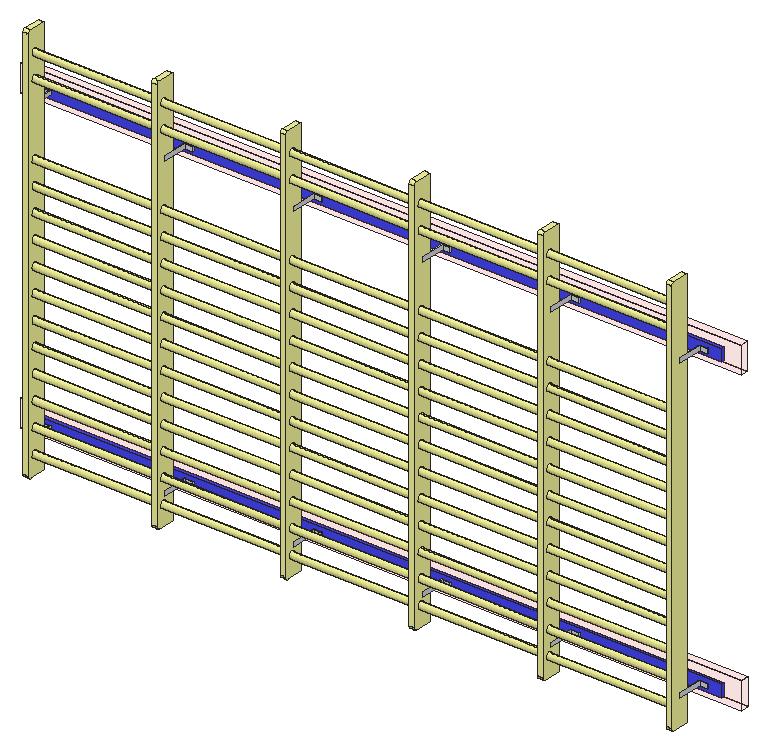
Revit family "Ribbstol Medium sammansatt", category Generic Models, Revit 2019
Family settings
  Can host rebar = No
  Round Connector Dimension = Use Diameter
  Part Type = Normal
  Work Plane-Based = No
  Always vertical = Yes
  Cut with Voids When Loaded = No
  Shared = No
  Room Calculation Point = No
Parameters (values of type "Saxi Ribbstol Medium 5-fack")
  langd_list = 93 mm + 782 mm * ANTAL_FACK  # 4003 mm
  langd_barande = 193 mm + 782 mm * ANTAL_FACK + 100 mm  # 4203 mm
  URL = "www.saxi.se"
  SYNLIG = yes
  Model = "Ribbstol Medium"
  Manufacturer = "Saxi Vägg AB"
  ANTAL_FACK = 5
  1facksynlung = no
Types (11, lengths in mm): name | langd_list | langd_barande | SYNLIG | ANTAL_FACK | 1facksynlung
  (no name) | 4003 | 4203 | yes | 5 | no
  Saxi Ribbstol Medium 1-fack | 1657 | 1857 | no | 2 | yes
  Saxi Ribbstol Medium 2-fack | 1657 | 1857 | yes | 2 | no
  Saxi Ribbstol Medium 3-fack | 2439 | 2639 | yes | 3 | no
  Saxi Ribbstol Medium 4-fack | 3221 | 3421 | yes | 4 | no
  Saxi Ribbstol Medium 5-fack | 4003 | 4203 | yes | 5 | no
  Saxi Ribbstol Medium 6-fack | 4785 | 4985 | yes | 6 | no
  Saxi Ribbstol Medium 7-fack | 5567 | 5767 | yes | 7 | no
  Saxi Ribbstol Medium 8-fack | 6349 | 6549 | yes | 8 | no
  Saxi Ribbstol Medium 9-fack | 7131 | 7331 | yes | 9 | no
  Saxi Ribbstol Medium 10-fack | 7913 | 8113 | yes | 10 | no
Reference planes
  plane 1 "Center (Front/Back)": y = 0
  plane 2: z = 0
  plane 3 "Center (Left/Right)": x = 0
Dimensions and locks
  nested 1 to level = 180 mm
  equal spacing: group 1, group 2, group 3, group 4, group 5, group 6, group 7, group 8, group 9, group 10, group 11, group 12  (x3)
  nested 17 to plane 1 "Center (Front/Back)" = 170 mm
  nested 17 to level = 237.5 mm
  nested 18 to level = 1987.5 mm
  equal spacing: group 18, group 19, group 20, group 21, group 22, group 23, group 24, group 25, group 26, group 27, group 28, group 29  (x3)
  equal spacing: group 16, group 32, group 65, group 80, group 95  (x3)
  nested 37 to plane 3 "Center (Left/Right)" = 93 mm
  nested 39 to nested 38 = 100 mm
  nested 39 to level = 170 mm
  nested 40 to plane 2 = 1920 mm
  equal spacing: group 33, group 34, group 35, group 36, group 37, group 38, group 39, group 40, group 41, group 42, group 43, group 44  (x3)
  equal spacing: group 51, group 52, group 53, group 54, group 55, group 56, group 57, group 58, group 59, group 60, group 61, group 62  (x3)
  equal spacing: group 66, group 67, group 68, group 69, group 70, group 71, group 72, group 73, group 74, group 75, group 76, group 77  (x3)
  equal spacing: group 81, group 82, group 83, group 84, group 85, group 86, group 87, group 88, group 89, group 90, group 91, group 92  (x3)
  aligned and locked: level to plane 2
Nested families
  nested 1: "ribbstol_pinne" at (32, -185, 200) x (0, 1, 0) z (0, 0, 1), visible <- "SYNLIG", type "ribbstol_pinne"
  nested 2: "ribbstol_pinne" at (32, -185, 340) x (0, 1, 0) z (0, 0, 1), visible <- "SYNLIG", type "ribbstol_pinne"
  nested 3: "ribbstol_pinne" at (32, -185, 480) x (0, 1, 0) z (0, 0, 1), visible <- "SYNLIG", type "ribbstol_pinne"
  nested 4: "ribbstol_pinne" at (32, -185, 620) x (0, 1, 0) z (0, 0, 1), visible <- "SYNLIG", type "ribbstol_pinne"
  nested 5: "ribbstol_pinne" at (32, -185, 760) x (0, 1, 0) z (0, 0, 1), visible <- "SYNLIG", type "ribbstol_pinne"
  nested 6: "ribbstol_pinne" at (32, -185, 900) x (0, 1, 0) z (0, 0, 1), visible <- "SYNLIG", type "ribbstol_pinne"
  nested 7: "ribbstol_pinne" at (32, -185, 1040) x (0, 1, 0) z (0, 0, 1), visible <- "SYNLIG", type "ribbstol_pinne"
  nested 8: "ribbstol_pinne" at (32, -185, 1180) x (0, 1, 0) z (0, 0, 1), visible <- "SYNLIG", type "ribbstol_pinne"
  nested 9: "ribbstol_pinne" at (32, -185, 1320) x (0, 1, 0) z (0, 0, 1), visible <- "SYNLIG", type "ribbstol_pinne"
  nested 10: "ribbstol_pinne" at (32, -185, 1460) x (0, 1, 0) z (0, 0, 1), visible <- "SYNLIG", type "ribbstol_pinne"
  nested 11: "ribbstol_pinne" at (32, -185, 1600) x (0, 1, 0) z (0, 0, 1), visible <- "SYNLIG", type "ribbstol_pinne"
  nested 12: "ribbstol_pinne" at (32, -185, 1740) x (0, 1, 0) z (0, 0, 1), visible <- "SYNLIG", type "ribbstol_pinne"
  nested 13: "ribbstol_pinne" at (32, -185, 2300) x (0, 1, 0) z (0, 0, 1), visible <- "SYNLIG", type "ribbstol_pinne"
  nested 14: "ribbstol_pinne" at (32, -75, 200) x (0, 1, 0) z (0, 0, 1), visible <- "SYNLIG", type "ribbstol_pinne", not visible
  nested 15: "ribbstol_pinne" at (32, -185, 2160) x (0, 1, 0) z (0, 0, 1), visible <- "SYNLIG", type "ribbstol_pinne"
  nested 16: "ribbstol_vinkel" at (782, -20, 237.5), visible <- "SYNLIG", type "ribbstol_vinkel"
  nested 17: "ribbstol_vinkel" at (0, -20, 237.5) x (-1, 0, 0) z (0, 0, 1), type "ribbstol_vinkel"
  nested 18: "ribbstol_vinkel" at (0, -20, 1987.5) x (-1, 0, 0) z (0, 0, 1), type "ribbstol_vinkel"
  nested 19: "ribbstol_vinkel" at (782, -20, 1987.5), visible <- "SYNLIG", type "ribbstol_vinkel"
  nested 20: "ribbstol_large_stolpe" at (0, -110, 0), visible <- "SYNLIG", type "ribbstol_large_stolpe", not visible
  nested 21: "ribbstol_pinne" at (782, -185, 200) x (0, 1, 0) z (0, 0, 1), visible <- "SYNLIG", type "ribbstol_pinne"
  nested 22: "ribbstol_pinne" at (782, -185, 340) x (0, 1, 0) z (0, 0, 1), visible <- "SYNLIG", type "ribbstol_pinne"
  nested 23: "ribbstol_pinne" at (782, -185, 480) x (0, 1, 0) z (0, 0, 1), visible <- "SYNLIG", type "ribbstol_pinne"
  nested 24: "ribbstol_pinne" at (782, -185, 620) x (0, 1, 0) z (0, 0, 1), visible <- "SYNLIG", type "ribbstol_pinne"
  nested 25: "ribbstol_pinne" at (782, -185, 760) x (0, 1, 0) z (0, 0, 1), visible <- "SYNLIG", type "ribbstol_pinne"
  nested 26: "ribbstol_pinne" at (782, -185, 900) x (0, 1, 0) z (0, 0, 1), visible <- "SYNLIG", type "ribbstol_pinne"
  nested 27: "ribbstol_pinne" at (782, -185, 1040) x (0, 1, 0) z (0, 0, 1), visible <- "SYNLIG", type "ribbstol_pinne"
  nested 28: "ribbstol_pinne" at (782, -185, 1180) x (0, 1, 0) z (0, 0, 1), visible <- "SYNLIG", type "ribbstol_pinne"
  nested 29: "ribbstol_pinne" at (782, -185, 1320) x (0, 1, 0) z (0, 0, 1), visible <- "SYNLIG", type "ribbstol_pinne"
  nested 30: "ribbstol_pinne" at (782, -185, 1460) x (0, 1, 0) z (0, 0, 1), visible <- "SYNLIG", type "ribbstol_pinne"
  nested 31: "ribbstol_pinne" at (782, -185, 1600) x (0, 1, 0) z (0, 0, 1), visible <- "SYNLIG", type "ribbstol_pinne"
  nested 32: "ribbstol_pinne" at (782, -185, 1740) x (0, 1, 0) z (0, 0, 1), visible <- "SYNLIG", type "ribbstol_pinne"
  nested 33: "ribbstol_pinne" at (782, -185, 2300) x (0, 1, 0) z (0, 0, 1), visible <- "SYNLIG", type "ribbstol_pinne"
  nested 34: "ribbstol_pinne" at (782, -185, 2160) x (0, 1, 0) z (0, 0, 1), visible <- "SYNLIG", type "ribbstol_pinne"
  nested 35: "ribbstol_vinkel" at (1532, -20, 237.5), visible <- "SYNLIG", type "ribbstol_vinkel"
  nested 36: "ribbstol_vinkel" at (1532, -20, 1987.5), visible <- "SYNLIG", type "ribbstol_vinkel"
  nested 37: "ribbstol_list" at (-93, 0, 215), visible <- "SYNLIG", type "ribbstol_list"
    with langd 4003 mm
  nested 38: "ribbstol_list" at (-93, 0, 1966.25), visible <- "SYNLIG", type "ribbstol_list"
    with langd 4003 mm
  nested 39: "ribbstol_barande" at (-193, 50, 170), visible <- "SYNLIG", type "ribbstol_barande"
    with langd 4203 mm
  nested 40: "ribbstol_barande" at (-193, 50, 1920), visible <- "SYNLIG", type "ribbstol_barande"
    with langd 4203 mm
  nested 41: "ribbstol_pinne" at (32, -185, 200) x (0, 1, 0) z (0, 0, 1), visible <- "1facksynlung", type "ribbstol_pinne"
  nested 42: "ribbstol_pinne" at (32, -185, 340) x (0, 1, 0) z (0, 0, 1), visible <- "1facksynlung", type "ribbstol_pinne"
  nested 43: "ribbstol_pinne" at (32, -185, 480) x (0, 1, 0) z (0, 0, 1), visible <- "1facksynlung", type "ribbstol_pinne"
  nested 44: "ribbstol_pinne" at (32, -185, 620) x (0, 1, 0) z (0, 0, 1), visible <- "1facksynlung", type "ribbstol_pinne"
  nested 45: "ribbstol_pinne" at (32, -185, 760) x (0, 1, 0) z (0, 0, 1), visible <- "1facksynlung", type "ribbstol_pinne"
  nested 46: "ribbstol_pinne" at (32, -185, 900) x (0, 1, 0) z (0, 0, 1), visible <- "1facksynlung", type "ribbstol_pinne"
  nested 47: "ribbstol_pinne" at (32, -185, 1040) x (0, 1, 0) z (0, 0, 1), visible <- "1facksynlung", type "ribbstol_pinne"
  nested 48: "ribbstol_pinne" at (32, -185, 1180) x (0, 1, 0) z (0, 0, 1), visible <- "1facksynlung", type "ribbstol_pinne"
  nested 49: "ribbstol_pinne" at (32, -185, 1320) x (0, 1, 0) z (0, 0, 1), visible <- "1facksynlung", type "ribbstol_pinne"
  nested 50: "ribbstol_pinne" at (32, -185, 1460) x (0, 1, 0) z (0, 0, 1), visible <- "1facksynlung", type "ribbstol_pinne"
  nested 51: "ribbstol_pinne" at (32, -185, 1600) x (0, 1, 0) z (0, 0, 1), visible <- "1facksynlung", type "ribbstol_pinne"
  nested 52: "ribbstol_pinne" at (32, -185, 1740) x (0, 1, 0) z (0, 0, 1), visible <- "1facksynlung", type "ribbstol_pinne"
  nested 53: "ribbstol_pinne" at (32, -185, 2300) x (0, 1, 0) z (0, 0, 1), visible <- "1facksynlung", type "ribbstol_pinne"
  nested 54: "ribbstol_pinne" at (32, -185, 2160) x (0, 1, 0) z (0, 0, 1), visible <- "1facksynlung", type "ribbstol_pinne"
  nested 55: "ribbstol_vinkel" at (782, -20, 237.5), visible <- "1facksynlung", type "ribbstol_vinkel"
  nested 56: "ribbstol_vinkel" at (782, -20, 1987.5), visible <- "1facksynlung", type "ribbstol_vinkel"
  nested 57: "ribbstol_pinne" at (32, -185, 200) x (0, 1, 0) z (0, 0, 1), visible <- "SYNLIG", type "ribbstol_pinne", not visible
  nested 58: "ribbstol_pinne" at (32, -185, 340) x (0, 1, 0) z (0, 0, 1), visible <- "SYNLIG", type "ribbstol_pinne", not visible
  nested 59: "ribbstol_pinne" at (32, -185, 480) x (0, 1, 0) z (0, 0, 1), visible <- "SYNLIG", type "ribbstol_pinne", not visible
  nested 60: "ribbstol_pinne" at (32, -185, 620) x (0, 1, 0) z (0, 0, 1), visible <- "SYNLIG", type "ribbstol_pinne", not visible
  nested 61: "ribbstol_pinne" at (32, -185, 760) x (0, 1, 0) z (0, 0, 1), visible <- "SYNLIG", type "ribbstol_pinne", not visible
  nested 62: "ribbstol_pinne" at (32, -185, 900) x (0, 1, 0) z (0, 0, 1), visible <- "SYNLIG", type "ribbstol_pinne", not visible
  nested 63: "ribbstol_pinne" at (32, -185, 1040) x (0, 1, 0) z (0, 0, 1), visible <- "SYNLIG", type "ribbstol_pinne", not visible
  nested 64: "ribbstol_pinne" at (32, -185, 1180) x (0, 1, 0) z (0, 0, 1), visible <- "SYNLIG", type "ribbstol_pinne", not visible
  nested 65: "ribbstol_pinne" at (32, -185, 1320) x (0, 1, 0) z (0, 0, 1), visible <- "SYNLIG", type "ribbstol_pinne", not visible
  nested 66: "ribbstol_pinne" at (32, -185, 1460) x (0, 1, 0) z (0, 0, 1), visible <- "SYNLIG", type "ribbstol_pinne", not visible
  nested 67: "ribbstol_pinne" at (32, -185, 1600) x (0, 1, 0) z (0, 0, 1), visible <- "SYNLIG", type "ribbstol_pinne", not visible
  nested 68: "ribbstol_pinne" at (32, -185, 1740) x (0, 1, 0) z (0, 0, 1), visible <- "SYNLIG", type "ribbstol_pinne", not visible
  nested 69: "ribbstol_pinne" at (32, -185, 2300) x (0, 1, 0) z (0, 0, 1), visible <- "SYNLIG", type "ribbstol_pinne", not visible
  nested 70: "ribbstol_pinne" at (32, -185, 2160) x (0, 1, 0) z (0, 0, 1), visible <- "SYNLIG", type "ribbstol_pinne", not visible
  nested 71: "ribbstol_vinkel" at (782, -20, 237.5), visible <- "SYNLIG", type "ribbstol_vinkel", not visible
  nested 72: "ribbstol_vinkel" at (782, -20, 1987.5), visible <- "SYNLIG", type "ribbstol_vinkel", not visible
  nested 73: "ribbstol_list" at (-93, 0, 1966.25), visible <- "1facksynlung", type "ribbstol_list 1"
    with langd 950 mm
  nested 74: "ribbstol_list" at (-93, 0, 215), visible <- "1facksynlung", type "ribbstol_list 1"
    with langd 950 mm
  nested 75: "ribbstol_barande" at (-193, 50, 1920), visible <- "1facksynlung", type "ribbstol_barande 1"
    with langd 1150 mm
  nested 76: "ribbstol_barande" at (-193, 50, 170), visible <- "1facksynlung", type "ribbstol_barande 1"
    with langd 1150 mm
  nested 77: "ribbstol_large_stolpe" at (0, 1110, 0), visible <- "1facksynlung", type "ribbstol_large_stolpe", not visible
  nested 78: "ribbstol_large_stolpe" at (750, 1110, 0), visible <- "1facksynlung", type "ribbstol_large_stolpe", not visible
  nested 79: "ribbstol_pinne" at (32, 1035, 200) x (0, 1, 0) z (0, 0, 1), visible <- "1facksynlung", type "ribbstol_pinne", not visible
  nested 80: "ribbstol_pinne" at (32, 1035, 340) x (0, 1, 0) z (0, 0, 1), visible <- "1facksynlung", type "ribbstol_pinne", not visible
  nested 81: "ribbstol_pinne" at (32, 1035, 480) x (0, 1, 0) z (0, 0, 1), visible <- "1facksynlung", type "ribbstol_pinne", not visible
  nested 82: "ribbstol_pinne" at (32, 1035, 620) x (0, 1, 0) z (0, 0, 1), visible <- "1facksynlung", type "ribbstol_pinne", not visible
  nested 83: "ribbstol_pinne" at (32, 1035, 760) x (0, 1, 0) z (0, 0, 1), visible <- "1facksynlung", type "ribbstol_pinne", not visible
  nested 84: "ribbstol_pinne" at (32, 1035, 900) x (0, 1, 0) z (0, 0, 1), visible <- "1facksynlung", type "ribbstol_pinne", not visible
  nested 85: "ribbstol_pinne" at (32, 1035, 1040) x (0, 1, 0) z (0, 0, 1), visible <- "1facksynlung", type "ribbstol_pinne", not visible
  nested 86: "ribbstol_pinne" at (32, 1035, 1180) x (0, 1, 0) z (0, 0, 1), visible <- "1facksynlung", type "ribbstol_pinne", not visible
  nested 87: "ribbstol_pinne" at (32, 1035, 1320) x (0, 1, 0) z (0, 0, 1), visible <- "1facksynlung", type "ribbstol_pinne", not visible
  nested 88: "ribbstol_pinne" at (32, 1035, 1460) x (0, 1, 0) z (0, 0, 1), visible <- "1facksynlung", type "ribbstol_pinne", not visible
  nested 89: "ribbstol_pinne" at (32, 1035, 1600) x (0, 1, 0) z (0, 0, 1), visible <- "1facksynlung", type "ribbstol_pinne", not visible
  nested 90: "ribbstol_pinne" at (32, 1035, 1740) x (0, 1, 0) z (0, 0, 1), visible <- "1facksynlung", type "ribbstol_pinne", not visible
  nested 91: "ribbstol_pinne" at (32, 1035, 1880) x (0, 1, 0) z (0, 0, 1), visible <- "1facksynlung", type "ribbstol_pinne", not visible
  nested 92: "ribbstol_pinne" at (32, 1035, 2020) x (0, 1, 0) z (0, 0, 1), visible <- "1facksynlung", type "ribbstol_pinne", not visible
  nested 93: "ribbstol_pinne" at (32, 1035, 2580) x (0, 1, 0) z (0, 0, 1), visible <- "1facksynlung", type "ribbstol_pinne", not visible
  nested 94: "ribbstol_pinne" at (32, 1035, 2440) x (0, 1, 0) z (0, 0, 1), visible <- "1facksynlung", type "ribbstol_pinne", not visible
  nested 95: "ribbstol_vinkel" at (782, 1200, 237.5), visible <- "1facksynlung", type "ribbstol_vinkel", not visible
  nested 96: "ribbstol_vinkel" at (782, 1200, 2267.5), visible <- "1facksynlung", type "ribbstol_vinkel", not visible
  nested 97: "ribbstol_list" at (-93, 1220, 0), type "ribbstol_list 1", not visible
    with langd 950 mm
  nested 98: "ribbstol_barande" at (-193, 1270, 0), type "ribbstol_barande 1", not visible
    with langd 1150 mm
  nested 99: "ribbstol_pinne" at (32, 935, 200) x (0, 1, 0) z (0, 0, 1), visible <- "1facksynlung", type "ribbstol_pinne", not visible
  nested 100: "ribbstol_pinne" at (32, 935, 340) x (0, 1, 0) z (0, 0, 1), visible <- "1facksynlung", type "ribbstol_pinne", not visible
  nested 101: "ribbstol_pinne" at (32, 935, 480) x (0, 1, 0) z (0, 0, 1), visible <- "1facksynlung", type "ribbstol_pinne", not visible
  nested 102: "ribbstol_pinne" at (32, 935, 620) x (0, 1, 0) z (0, 0, 1), visible <- "1facksynlung", type "ribbstol_pinne", not visible
  nested 103: "ribbstol_pinne" at (32, 935, 760) x (0, 1, 0) z (0, 0, 1), visible <- "1facksynlung", type "ribbstol_pinne", not visible
  nested 104: "ribbstol_pinne" at (32, 935, 900) x (0, 1, 0) z (0, 0, 1), visible <- "1facksynlung", type "ribbstol_pinne", not visible
  nested 105: "ribbstol_pinne" at (32, 935, 1040) x (0, 1, 0) z (0, 0, 1), visible <- "1facksynlung", type "ribbstol_pinne", not visible
  nested 106: "ribbstol_pinne" at (32, 935, 1180) x (0, 1, 0) z (0, 0, 1), visible <- "1facksynlung", type "ribbstol_pinne", not visible
  nested 107: "ribbstol_pinne" at (32, 935, 1320) x (0, 1, 0) z (0, 0, 1), visible <- "1facksynlung", type "ribbstol_pinne", not visible
  nested 108: "ribbstol_pinne" at (32, 935, 1460) x (0, 1, 0) z (0, 0, 1), visible <- "1facksynlung", type "ribbstol_pinne", not visible
  nested 109: "ribbstol_pinne" at (32, 935, 1600) x (0, 1, 0) z (0, 0, 1), visible <- "1facksynlung", type "ribbstol_pinne", not visible
  nested 110: "ribbstol_pinne" at (32, 935, 1740) x (0, 1, 0) z (0, 0, 1), visible <- "1facksynlung", type "ribbstol_pinne", not visible
  nested 111: "ribbstol_pinne" at (32, 935, 2300) x (0, 1, 0) z (0, 0, 1), visible <- "1facksynlung", type "ribbstol_pinne", not visible
  nested 112: "ribbstol_pinne" at (32, 935, 2160) x (0, 1, 0) z (0, 0, 1), visible <- "1facksynlung", type "ribbstol_pinne", not visible
  nested 113: "ribbstol_vinkel" at (782, 1100, 237.5), visible <- "1facksynlung", type "ribbstol_vinkel", not visible
  nested 114: "ribbstol_vinkel" at (782, 1100, 1987.5), visible <- "1facksynlung", type "ribbstol_vinkel", not visible
  nested 115: "ribbstol_list" at (-93, 1120, 1966.25), visible <- "1facksynlung", type "ribbstol_list 1", not visible
    with langd 950 mm
  nested 116: "ribbstol_list" at (-93, 1120, 215), visible <- "1facksynlung", type "ribbstol_list 1", not visible
    with langd 950 mm
  nested 117: "ribbstol_barande" at (-193, 1170, 1920), visible <- "1facksynlung", type "ribbstol_barande 1", not visible
    with langd 1150 mm
  nested 118: "ribbstol_barande" at (-193, 1170, 170), visible <- "1facksynlung", type "ribbstol_barande 1", not visible
    with langd 1150 mm
  nested 119: "ribbstol_medium_stolpe" at (750, -110, 0), visible <- "SYNLIG", type "ribbstol_medium_stolpe"
  nested 120: "ribbstol_medium_stolpe" at (1500, -110, 0), visible <- "SYNLIG", type "ribbstol_medium_stolpe"
  nested 121: "ribbstol_medium_stolpe" at (750, -110, 0), visible <- "SYNLIG", type "ribbstol_medium_stolpe", not visible
  nested 122: "ribbstol_medium_stolpe" at (0, -110, 0), visible <- "SYNLIG", type "ribbstol_medium_stolpe"
  nested 123: "ribbstol_pinne" at (1532, -185, 200) x (0, 1, 0) z (0, 0, 1), visible <- "SYNLIG", type "ribbstol_pinne"
  nested 124: "ribbstol_pinne" at (1532, -185, 340) x (0, 1, 0) z (0, 0, 1), visible <- "SYNLIG", type "ribbstol_pinne"
  nested 125: "ribbstol_pinne" at (1532, -185, 480) x (0, 1, 0) z (0, 0, 1), visible <- "SYNLIG", type "ribbstol_pinne"
  nested 126: "ribbstol_pinne" at (1532, -185, 620) x (0, 1, 0) z (0, 0, 1), visible <- "SYNLIG", type "ribbstol_pinne"
  nested 127: "ribbstol_pinne" at (1532, -185, 760) x (0, 1, 0) z (0, 0, 1), visible <- "SYNLIG", type "ribbstol_pinne"
  nested 128: "ribbstol_pinne" at (1532, -185, 900) x (0, 1, 0) z (0, 0, 1), visible <- "SYNLIG", type "ribbstol_pinne"
  nested 129: "ribbstol_pinne" at (1532, -185, 1040) x (0, 1, 0) z (0, 0, 1), visible <- "SYNLIG", type "ribbstol_pinne"
  nested 130: "ribbstol_pinne" at (1532, -185, 1180) x (0, 1, 0) z (0, 0, 1), visible <- "SYNLIG", type "ribbstol_pinne"
  nested 131: "ribbstol_pinne" at (1532, -185, 1320) x (0, 1, 0) z (0, 0, 1), visible <- "SYNLIG", type "ribbstol_pinne"
  nested 132: "ribbstol_pinne" at (1532, -185, 1460) x (0, 1, 0) z (0, 0, 1), visible <- "SYNLIG", type "ribbstol_pinne"
  nested 133: "ribbstol_pinne" at (1532, -185, 1600) x (0, 1, 0) z (0, 0, 1), visible <- "SYNLIG", type "ribbstol_pinne"
  nested 134: "ribbstol_pinne" at (1532, -185, 1740) x (0, 1, 0) z (0, 0, 1), visible <- "SYNLIG", type "ribbstol_pinne"
  nested 135: "ribbstol_pinne" at (1532, -185, 2300) x (0, 1, 0) z (0, 0, 1), visible <- "SYNLIG", type "ribbstol_pinne"
  nested 136: "ribbstol_pinne" at (1532, -185, 2160) x (0, 1, 0) z (0, 0, 1), visible <- "SYNLIG", type "ribbstol_pinne"
  nested 137: "ribbstol_vinkel" at (2282, -20, 237.5), visible <- "SYNLIG", type "ribbstol_vinkel"
  nested 138: "ribbstol_vinkel" at (2282, -20, 1987.5), visible <- "SYNLIG", type "ribbstol_vinkel"
  nested 139: "ribbstol_medium_stolpe" at (2250, -110, 0), visible <- "SYNLIG", type "ribbstol_medium_stolpe"
  nested 140: "ribbstol_pinne" at (2282, -185, 200) x (0, 1, 0) z (0, 0, 1), visible <- "SYNLIG", type "ribbstol_pinne"
  nested 141: "ribbstol_pinne" at (2282, -185, 340) x (0, 1, 0) z (0, 0, 1), visible <- "SYNLIG", type "ribbstol_pinne"
  nested 142: "ribbstol_pinne" at (2282, -185, 480) x (0, 1, 0) z (0, 0, 1), visible <- "SYNLIG", type "ribbstol_pinne"
  nested 143: "ribbstol_pinne" at (2282, -185, 620) x (0, 1, 0) z (0, 0, 1), visible <- "SYNLIG", type "ribbstol_pinne"
  nested 144: "ribbstol_pinne" at (2282, -185, 760) x (0, 1, 0) z (0, 0, 1), visible <- "SYNLIG", type "ribbstol_pinne"
  nested 145: "ribbstol_pinne" at (2282, -185, 900) x (0, 1, 0) z (0, 0, 1), visible <- "SYNLIG", type "ribbstol_pinne"
  nested 146: "ribbstol_pinne" at (2282, -185, 1040) x (0, 1, 0) z (0, 0, 1), visible <- "SYNLIG", type "ribbstol_pinne"
  nested 147: "ribbstol_pinne" at (2282, -185, 1180) x (0, 1, 0) z (0, 0, 1), visible <- "SYNLIG", type "ribbstol_pinne"
  nested 148: "ribbstol_pinne" at (2282, -185, 1320) x (0, 1, 0) z (0, 0, 1), visible <- "SYNLIG", type "ribbstol_pinne"
  nested 149: "ribbstol_pinne" at (2282, -185, 1460) x (0, 1, 0) z (0, 0, 1), visible <- "SYNLIG", type "ribbstol_pinne"
  nested 150: "ribbstol_pinne" at (2282, -185, 1600) x (0, 1, 0) z (0, 0, 1), visible <- "SYNLIG", type "ribbstol_pinne"
  nested 151: "ribbstol_pinne" at (2282, -185, 1740) x (0, 1, 0) z (0, 0, 1), visible <- "SYNLIG", type "ribbstol_pinne"
  nested 152: "ribbstol_pinne" at (2282, -185, 2300) x (0, 1, 0) z (0, 0, 1), visible <- "SYNLIG", type "ribbstol_pinne"
  nested 153: "ribbstol_pinne" at (2282, -185, 2160) x (0, 1, 0) z (0, 0, 1), visible <- "SYNLIG", type "ribbstol_pinne"
  nested 154: "ribbstol_vinkel" at (3032, -20, 237.5), visible <- "SYNLIG", type "ribbstol_vinkel"
  nested 155: "ribbstol_vinkel" at (3032, -20, 1987.5), visible <- "SYNLIG", type "ribbstol_vinkel"
  nested 156: "ribbstol_medium_stolpe" at (3000, -110, 0), visible <- "SYNLIG", type "ribbstol_medium_stolpe"
  nested 157: "ribbstol_pinne" at (3032, -185, 200) x (0, 1, 0) z (0, 0, 1), visible <- "SYNLIG", type "ribbstol_pinne"
  nested 158: "ribbstol_pinne" at (3032, -185, 340) x (0, 1, 0) z (0, 0, 1), visible <- "SYNLIG", type "ribbstol_pinne"
  nested 159: "ribbstol_pinne" at (3032, -185, 480) x (0, 1, 0) z (0, 0, 1), visible <- "SYNLIG", type "ribbstol_pinne"
  nested 160: "ribbstol_pinne" at (3032, -185, 620) x (0, 1, 0) z (0, 0, 1), visible <- "SYNLIG", type "ribbstol_pinne"
  nested 161: "ribbstol_pinne" at (3032, -185, 760) x (0, 1, 0) z (0, 0, 1), visible <- "SYNLIG", type "ribbstol_pinne"
  nested 162: "ribbstol_pinne" at (3032, -185, 900) x (0, 1, 0) z (0, 0, 1), visible <- "SYNLIG", type "ribbstol_pinne"
  nested 163: "ribbstol_pinne" at (3032, -185, 1040) x (0, 1, 0) z (0, 0, 1), visible <- "SYNLIG", type "ribbstol_pinne"
  nested 164: "ribbstol_pinne" at (3032, -185, 1180) x (0, 1, 0) z (0, 0, 1), visible <- "SYNLIG", type "ribbstol_pinne"
  nested 165: "ribbstol_pinne" at (3032, -185, 1320) x (0, 1, 0) z (0, 0, 1), visible <- "SYNLIG", type "ribbstol_pinne"
  nested 166: "ribbstol_pinne" at (3032, -185, 1460) x (0, 1, 0) z (0, 0, 1), visible <- "SYNLIG", type "ribbstol_pinne"
  nested 167: "ribbstol_pinne" at (3032, -185, 1600) x (0, 1, 0) z (0, 0, 1), visible <- "SYNLIG", type "ribbstol_pinne"
  nested 168: "ribbstol_pinne" at (3032, -185, 1740) x (0, 1, 0) z (0, 0, 1), visible <- "SYNLIG", type "ribbstol_pinne"
  nested 169: "ribbstol_pinne" at (3032, -185, 2300) x (0, 1, 0) z (0, 0, 1), visible <- "SYNLIG", type "ribbstol_pinne"
  nested 170: "ribbstol_pinne" at (3032, -185, 2160) x (0, 1, 0) z (0, 0, 1), visible <- "SYNLIG", type "ribbstol_pinne"
  nested 171: "ribbstol_vinkel" at (3782, -20, 237.5), visible <- "SYNLIG", type "ribbstol_vinkel"
  nested 172: "ribbstol_vinkel" at (3782, -20, 1987.5), visible <- "SYNLIG", type "ribbstol_vinkel"
  nested 173: "ribbstol_medium_stolpe" at (3750, -110, 0), visible <- "SYNLIG", type "ribbstol_medium_stolpe"
  nested 174: "ribbstol_medium_stolpe" at (0, -110, 0), visible <- "1facksynlung", type "ribbstol_medium_stolpe"
  nested 175: "ribbstol_medium_stolpe" at (750, -110, 0), visible <- "1facksynlung", type "ribbstol_medium_stolpe"
  nested 176: "ribbstol_medium_stolpe" at (0, 1010, 0), visible <- "1facksynlung", type "ribbstol_medium_stolpe", not visible
  nested 177: "ribbstol_medium_stolpe" at (750, 1010, 0), visible <- "1facksynlung", type "ribbstol_medium_stolpe", not visible
Definition of nested family "ribbstol_pinne"
  Reference planes
    plane 1 "Center (Front/Back)": y = 0
    plane 2: z = 0
    plane 3 "Center (Left/Right)": x = 0
  Forms (mm)
    Extrusion 1, solid
      sketch origin (0, 0, 0) x (1, 0, 0) y (0, 0, 1)
        loop
          spline (0, 20) -> (-3.882, 19.319) -> (-7.5, 17.321) -> (-10.607, 14.142) -> (-12.99, 10) -> (-14.489, 5.176) -> (-15, 0) -> (-14.489, -5.176) -> (-12.99, -10) -> (-10.607, -14.142) -> (-7.5, -17.321) -> (-3.882, -19.319) -> (0, -20)
          spline (0, -20) -> (3.882, -19.319) -> (7.5, -17.321) -> (10.607, -14.142) -> (12.99, -10) -> (14.489, -5.176) -> (15, 0) -> (14.489, 5.176) -> (12.99, 10) -> (10.607, 14.142) -> (7.5, 17.321) -> (3.882, 19.319) -> (0, 20)
      from 0 to 718
  Dimensions and locks
    aligned and locked: level to plane 2
Definition of nested family "ribbstol_vinkel"
  Reference planes
    plane 1 "Center (Front/Back)": y = 0
    plane 2: z = 0
    plane 3 "Center (Left/Right)": x = 0
  Forms (mm)
    Extrusion 1, solid
      sketch origin (0, 0, 0) x (1, 0, 0) y (0, 1, 0)
        loop
          line (0, 0) -> (0, -150) -> (5, -150) -> (5, -5) -> (50, -5) -> (50, 0) -> (0, 0)
      from 0 to 25
  Dimensions and locks
    aligned and locked: level to plane 2
Definition of nested family "ribbstol_large_stolpe"
  Reference planes
    plane 1 "Center (Front/Back)": y = 0
    plane 2: z = 0
    plane 3 "Center (Left/Right)": x = 0
  Forms (mm)
    Extrusion 1, solid
      sketch origin (0, 0, 0) x (0, 1, 0) y (0, 0, 1)
        loop
          line (0, 80) -> (0, 2700) -> (-95, 2700)
          arc (-95, 2700) -> (-105.607, 2695.607) -> (-110, 2685) r 15
          line (-110, 2685) -> (-110, 95)
          arc (-110, 95) -> (-105.607, 84.393) -> (-95, 80) r 15
          line (-95, 80) -> (0, 80)
      from 0 to 32
  Dimensions and locks
    level to Extrusion 1 sketch curve = 80 mm
    locked: Extrusion 1 sketch curve to Extrusion 1 sketch curve at 2620
    aligned and locked: level to plane 2
Definition of nested family "ribbstol_list"
  Parameters (values of type "ribbstol_list")
    langd = 150 mm
  Reference planes
    plane 1 "Center (Front/Back)": y = 0
    plane 2: z = 0
    plane 3 "Center (Left/Right)": x = 0
  Forms (mm)
    Extrusion 1, solid
      sketch origin (0, 0, 0) x (0, 1, 0) y (0, 0, 1)
        loop
          line (0, 0) -> (0, 70) -> (-20, 70) -> (-20, 0) -> (0, 0)
      from 0 to 150 <- "langd"
  Dimensions and locks
    aligned and locked: level to plane 2
Definition of nested family "ribbstol_barande"
  Parameters (values of type "ribbstol_barande")
    langd = 150 mm
  Reference planes
    plane 1 "Center (Front/Back)": y = 0
    plane 2: z = 0
    plane 3 "Center (Left/Right)": x = 0
  Forms (mm)
    Extrusion 1, solid
      sketch origin (0, 0, 0) x (0, 1, 0) y (0, 0, 1)
        loop
          line (0, 0) -> (0, 160) -> (-50, 160) -> (-50, 0) -> (0, 0)
      from 0 to 150 <- "langd"
  Dimensions and locks
    aligned and locked: level to plane 2
Definition of nested family "ribbstol_medium_stolpe"
  Reference planes
    plane 1 "Center (Front/Back)": y = 0
    plane 2: z = 0
    plane 3 "Center (Left/Right)": x = 0
  Forms (mm)
    Extrusion 1, solid
      sketch origin (0, 0, 0) x (0, 1, 0) y (0, 0, 1)
        loop
          line (0, 80) -> (0, 2420) -> (-95, 2420)
          arc (-95, 2420) -> (-105.607, 2415.607) -> (-110, 2405) r 15
          line (-110, 2405) -> (-110, 95)
          arc (-110, 95) -> (-105.607, 84.393) -> (-95, 80) r 15
          line (-95, 80) -> (0, 80)
      from 0 to 32
  Dimensions and locks
    level to Extrusion 1 sketch curve = 80 mm
    Extrusion 1 sketch curve to Extrusion 1 sketch curve = 2340 mm
    aligned and locked: level to plane 2
